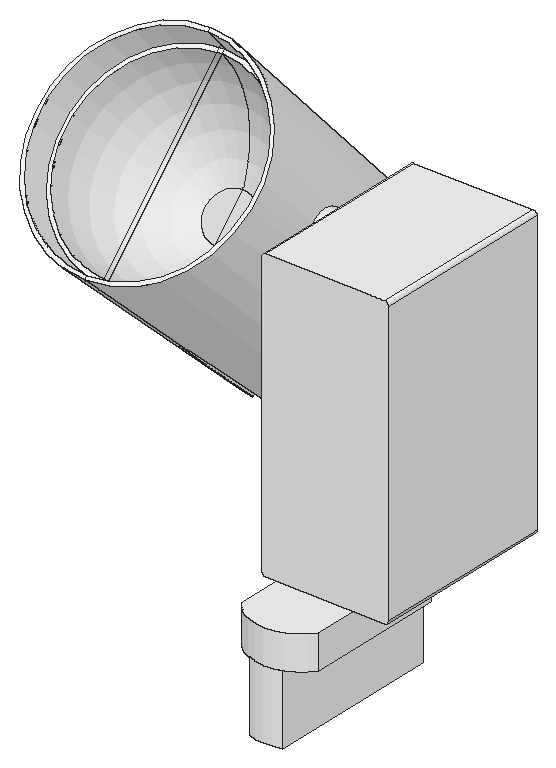
Revit family "0004862 Feilo Sylvania Lighting Fixture START TRACK SPOT S 24W 3K RA90 NB WHITE", category Lighting Fixtures, host Face, Revit 2017 (continued)
Definition of nested family "Start Track Spot Head"
  Types (96, lengths in mm): name | Wattage | built-in parameter 1150134 | Photometric Web File | Model | built-in parameter 1150105 | Lumens | built-in parameter 1150107 | built-in parameter 1150106 | HeadThickness_FEILO | HeadRibOffset_FEILO | HeadRibDepth_FEILO | HeadRibCutWidth_FEILO | HeadRibCutOffset_FEILO | HeadReflectorRadius_FEILO | HeadReflectorOffset_FEILO | HeadLEDRadius_FEILO | HeadHeight_FEILO | HeadDiffusorOffset_FEILO | HeadDiaOut_FEILO | HeadDiaIn_FEILO | HeadAxisFromTop_FEILO | Emit from Circle Diameter | built-in parameter 1150104 | Description | Apparent Load
    0004812 START TRACK SPOT S 14W 3K RA80 MB WHITE | 14 W | (empty or 0) | "0004812.ies" | "START TRACK SPOT S 14W 3K RA80 MB WHITE" | 120.32 (stored number, unit not read) | 1512 lm | 3000 (stored number, unit not read) | 1.2032 (stored number, unit not read) | 1.5 | 4.179 | 55.714 | 7.167 | 50.87 | 50.588 | 55.714 | 9.556 | 117 | 9.435 | 86 | 77.477 | 69.354 | 77.477 | 10.034 (stored number, unit not read) | "Integrated LED spotlight, Textured White - RAL9016, compact and minimalist design, ideal for retail applications, die-cast aluminium body, passive cooling heatsink. Beam angle: 36°, color temperature: 3000K , total system power: 14W, total fixture output: 1508 lm, LOR: 100%, colour rendering: Ra: 80 typical, LED Chromaticity: 3 step MacAdam ellipse, lifetime: >50000 hours at L70B50, energy class: A++, A+, A, IR/UV free light source without heat radiation, operating voltage: 220-240V / 50-60Hz, drive current: 350mA, electronic driver, non-dimmable, power factor: 0.92, electrical protection: Class II, Global Track 3 Phase adapter suitable for Global trac 3-circuit tracks, ingress protection rating: IP20, suitable for internal environment only, horizontal rotation: 355°, vertical tilt: 90°, dimensions: Ø86x140x200, weight: 0.940kg." | 14 VA
    0004811 START TRACK SPOT S 14W 3K RA80 NB WHITE | 14 W | (empty or 0) | "0004811.ies" | "START TRACK SPOT S 14W 3K RA80 NB WHITE" | 123.66 (stored number, unit not read) | 1554 lm | 3000 (stored number, unit not read) | 1.2366 (stored number, unit not read) | 1.5 | 4.179 | 55.714 | 7.167 | 50.87 | 50.588 | 55.714 | 9.556 | 117 | 9.435 | 86 | 77.477 | 69.354 | 77.477 | 10.312 (stored number, unit not read) | "Integrated LED spotlight, Textured White - RAL9016, compact and minimalist design, ideal for retail applications, die-cast aluminium body, passive cooling heatsink. Beam angle: 12°, color temperature: 3000K , total system power: 14W, total fixture output: 1551 lm, LOR: 100%, colour rendering: Ra: 80 typical, LED Chromaticity: 3 step MacAdam ellipse, lifetime: >50000 hours at L70B50, energy class: A++, A+, A, IR/UV free light source without heat radiation, operating voltage: 220-240V / 50-60Hz, drive current: 350mA, electronic driver, non-dimmable, power factor: 0.92, electrical protection: Class II, Global Track 3 Phase adapter suitable for Global trac 3-circuit tracks, ingress protection rating: IP20, suitable for internal environment only, horizontal rotation: 355°, vertical tilt: 90°, dimensions: Ø86x140x200, weight: 0.940kg." | 14 VA
  Reference planes
    plane 1 "Center (Front/Back)": y = 0
    plane 2: z = 0
    plane 3 "Center (Left/Right)": x = 0
    plane 4: x = 43
    plane 5: x = -43
    plane 6: x = -38.739
    plane 7: x = 38.739
    plane 8: z = 69.354
    plane 9: z = -47.646
    plane 10: x = -41.5
    plane 11: x = -37.239
    plane 12: z = -38.211
    plane 13: z = -35.211
    plane 14: z = 8.068
    plane 15: x = -9.556
    plane 16: x = -28.667
    plane 17: x = -19.111
    plane 18: x = -27.167
    plane 19: x = -17.611
    plane 20: x = -8.056
    plane 21: z = 13.64
    plane 22: x = -29.667
    plane 23: x = -26.167
    plane 24: x = -20.111
    plane 25: x = -16.611
    plane 26: x = -10.556
    plane 27: x = -7.056
    plane 28: x = -36.239
    plane 29: x = -40.5
    plane 30: z = 65.175
    plane 31: z = 60.997
    plane 32: z = 56.818
    plane 33: z = 18.484
    plane 34: y = -43
    plane 35: y = 43
    plane 36: y = 3.583
    plane 37: y = -3.583
    plane 38: y = -2.583
    plane 39: y = 2.583
    plane 40: y = 46
    plane 41: z = 13.5
    plane 42: z = -13.5
    plane 43: y = 39
    plane 44: x = 4.708
    plane 45: x = -2.458
    plane 46: x = -1.458
    plane 47: x = 1.458
  Forms (mm)
    Extrusion 1, solid
      sketch origin (4.2, 0, 0) x (1, 0, 0) y (0, 1, 0)
        loop
          line (-1219.2, 1219.2) -> (-1219.2, -1219.2) -> (1219.2, -1219.2) -> (1219.2, 1219.2) -> (-1219.2, 1219.2)
      from 0 to -68.017
    Revolve 2, solid, material <- "Material_1_FEILO", detail levels medium+fine
      sketch origin (0, 0, 0) x (1, 0, 0) y (0, 0, 1)
        loop
          line (-43, -47.646) -> (-41.5, -47.646) -> (-40.5, -35.211) -> (-38.739, -35.211)
          arc (-38.739, -35.211) -> (-30.16, -9.517) -> (-9.556, 8.068) r 50.588
          line (-9.556, 8.068) -> (0, 8.068) -> (0, 13.64) -> (-16.611, 13.64) -> (-17.611, 60.997) -> (-19.111, 60.997) -> (-20.111, 13.64) -> (-36.239, 13.64) -> (-37.239, 69.354) -> (-38.739, 69.354) -> (-43, -47.646)
        axis (0, 69.354) -> (0, -47.646)
      angle from 360 to 0
    Extrusion 3, void
      sketch origin (0, 0, 0) x (0, 1, 0) y (0, 0, 1)
        loop
          line (-3.583, 69.354) -> (-2.583, 18.484) -> (1.932, 18.484) -> (2.932, 69.354) -> (-3.583, 69.354)
      from 43 to -43
    Revolve 4, solid, material <- "Material_2_FEILO", detail levels medium+fine
      sketch origin (0, 0, 0) x (1, 0, 0) y (0, 0, 1)
        loop
          line (-41.5, -38.211) -> (0, -38.211) -> (0, -35.211) -> (-41.5, -35.211) -> (-41.5, -38.211)
        axis (0, -35.211) -> (0, -38.211)
      angle from 360 to 0
    Revolve 5, solid, material <- "Material_1_FEILO"
      sketch origin (0, 0, 0) x (0, 1, 0) y (0, 0, 1)
        loop
          line (46, 0) -> (39, 0) -> (39, -13.5) -> (46, -13.5) -> (46, 0)
        axis (39, 0) -> (46, 0)
      angle from 360 to 0
    Revolve 6, solid, material <- "Material_1_FEILO", detail levels medium+fine
      sketch origin (0, 0, 0) x (1, 0, 0) y (0, 0, 1)
        loop
          line (-29.667, 13.64) -> (-26.167, 13.64) -> (-27.167, 65.175) -> (-28.667, 65.175) -> (-29.667, 13.64)
        loop
          line (-10.556, 13.64) -> (-7.056, 13.64) -> (-7.833, 56.818) -> (-9.778, 56.818) -> (-10.556, 13.64)
        axis (0, 65.175) -> (0, 13.64)
      angle from 360 to 0
    Extrusion 7, void
      sketch origin (0, 0, 0) x (1, 0, 0) y (0, 0, 1)
        loop
          line (4.708, 69.354) -> (-2.458, 69.354) -> (-1.458, 13.64) -> (1.458, 13.64) -> (4.708, 69.354)
      from -43 to 43
    Revolve 8, solid, material <- "Material_1_FEILO", detail levels coarse
      sketch origin (0, 0, 0) x (1, 0, 0) y (0, 0, 1)
        loop
          line (0, 69.354) -> (-38.739, 69.354) -> (-43, -47.646) -> (-41.5, -47.646) -> (-40.731, -38.211) -> (0, -38.211) -> (0, 69.354)
        axis (0, 69.354) -> (0, -47.646)
      angle from 360 to 0
  Cuts and joins
    Extrusion 3 cuts Revolve 2
    Extrusion 7 cuts Revolve 6
  Dimensions and locks
    equal spacing: plane 7, plane 3 "Center (Left/Right)", plane 6
    equal spacing: plane 4, plane 3 "Center (Left/Right)", plane 5
    "HeadDiaOut_FEILO": plane 4 to plane 5
    "HeadDiaIn_FEILO": plane 7 to plane 6
    "HeadHeight_FEILO": plane 8 to plane 9
    "HeadThickness_FEILO": plane 10 to plane 5
    "HeadThickness_FEILO": plane 11 to plane 6
    "HeadDiffusorOffset_FEILO": plane 12 to plane 9
    "HeadDiffusorThickness_FEILO": plane 13 to plane 12
    "HeadReflectorOffset_FEILO": plane 14 to plane 9
    "HeadLEDRadius_FEILO": plane 3 "Center (Left/Right)" to plane 15
    "HeadLEDRadius_FEILO": plane 15 to plane 17
    "HeadLEDRadius_FEILO": plane 17 to plane 16
    "HeadThickness_FEILO": plane 18 to plane 16
    "HeadThickness_FEILO": plane 19 to plane 17
    "HeadThickness_FEILO": plane 20 to plane 15
    "HeadRibDepth_FEILO": plane 8 to plane 21
    "HeadDraft_FEILO": plane 16 to plane 22
    "HeadDraft_FEILO": plane 23 to plane 18
    "HeadDraft_FEILO": plane 17 to plane 24
    "HeadDraft_FEILO": plane 25 to plane 19
    "HeadDraft_FEILO": plane 15 to plane 26
    "HeadDraft_FEILO": plane 27 to plane 20
    "HeadDraft_FEILO": plane 29 to plane 10
    "HeadDraft_FEILO": plane 28 to plane 11
    "HeadRibOffset_FEILO": plane 8 to plane 30
    "HeadRibOffset_FEILO": plane 30 to plane 31
    "HeadRibOffset_FEILO": plane 31 to plane 32
    "HeadAxisFromTop_FEILO": plane 8 to plane 2
    "HeadRibCutOffset_FEILO": plane 8 to plane 33
    equal spacing: plane 34, plane 1 "Center (Front/Back)", plane 35
    "HeadDiaOut_FEILO": plane 34 to plane 35
    equal spacing: plane 38, plane 1 "Center (Front/Back)", plane 39
    equal spacing: plane 37, plane 1 "Center (Front/Back)", plane 36
    "HeadRibCutWidth_FEILO": plane 37 to plane 36
    "HeadDraft_FEILO": plane 37 to plane 38
    locked: plane 35 to plane 40 at 3
    equal spacing: plane 41, plane 2, plane 42
    locked: plane 42 to plane 41 at 27
    locked: plane 43 to plane 35 at 4
    equal spacing: plane 45, imposter light, plane 44
    "HeadDraft_FEILO": plane 46 to plane 45
    "HeadRibCutWidth_FEILO": plane 44 to plane 45
    equal spacing: plane 47, plane 3 "Center (Left/Right)", plane 46
    "HeadReflectorRadius_FEILO": radius of Revolve 2 sketch curve
    aligned and locked: plane 2 to Extrusion 1
    aligned and locked: level to Extrusion 1
    aligned and locked: Revolve 2 sketch curve to plane 3 "Center (Left/Right)"  (x2)
    aligned and locked: plane 9 to Revolve 2 sketch curve  (x2)
    aligned and locked: plane 5 to Revolve 2 sketch curve
    aligned and locked: plane 10 to Revolve 2 sketch curve
    aligned and locked: plane 14 to Revolve 2 sketch curve
    aligned and locked: plane 8 to Revolve 2 sketch curve
    aligned and locked: Revolve 2 sketch curve to plane 13
    aligned and locked: plane 12 to Revolve 4 sketch curve
    aligned and locked: plane 3 "Center (Left/Right)" to Revolve 4 sketch curve
    aligned and locked: Revolve 4 sketch curve to plane 10
    aligned and locked: Revolve 4 sketch curve to plane 3 "Center (Left/Right)"
    aligned and locked: plane 12 to imposter light
    aligned and locked: imposter light to plane 1 "Center (Front/Back)"
    aligned and locked: Revolve 5 sketch curve to plane 2
    aligned and locked: plane 43 to Revolve 5 sketch curve
    aligned and locked: plane 42 to Revolve 5 sketch curve
    aligned and locked: Revolve 6 sketch curve to plane 3 "Center (Left/Right)"
    aligned and locked: plane 22 to Revolve 6 sketch curve
    aligned and locked: plane 30 to Revolve 6 sketch curve
    aligned and locked: plane 23 to Revolve 6 sketch curve
    aligned and locked: Revolve 6 sketch curve to plane 21  (x2)
    aligned and locked: plane 21 to Revolve 6 sketch curve
    aligned and locked: plane 17 to Revolve 2 sketch curve
    aligned and locked: plane 19 to Revolve 2 sketch curve
    aligned and locked: plane 31 to Revolve 2 sketch curve
    aligned and locked: plane 21 to Revolve 2 sketch curve
    aligned and locked: Extrusion 3 to plane 8
    aligned and locked: plane 33 to Extrusion 3
    aligned and locked: plane 8 to Extrusion 3 sketch curve
    aligned and locked: Extrusion 3 sketch curve to plane 33
    aligned and locked: Extrusion 3 to plane 5
    aligned and locked: plane 4 to Extrusion 3
    aligned and locked: plane 32 to Revolve 6 sketch curve
    aligned and locked: plane 44 to Extrusion 7 sketch curve
    aligned and locked: Extrusion 7 sketch curve to plane 8
    aligned and locked: plane 46 to Extrusion 7 sketch curve
    aligned and locked: plane 21 to Extrusion 7 sketch curve
    aligned and locked: plane 34 to Extrusion 7
    aligned and locked: Extrusion 7 to plane 35
    aligned and locked: Revolve 4 sketch curve to plane 13
    aligned and locked: Revolve 5 sketch curve to plane 40
    aligned and locked: Revolve 8 sketch curve to plane 3 "Center (Left/Right)"
    aligned and locked: Revolve 8 sketch curve to cut or joined group of Revolve 2, Extrusion 3  (x3)
    aligned and locked: plane 5 to Revolve 8 sketch curve
    aligned and locked: plane 3 "Center (Left/Right)" to Revolve 8 sketch curve
    aligned and locked: plane 12 to Revolve 8 sketch curve
  Automatic sketch dimensions
    Extrusion 1 sketch curve to Extrusion 1 sketch curve = 2438.4 mm  (x2)
    Extrusion 3 sketch curve to plane 37 = 0 mm
    Extrusion 3 sketch curve to plane 38 = 0 mm
    plane 39 to Extrusion 3 sketch curve = 0.651 mm
    Extrusion 3 sketch curve to plane 39 = 0.349 mm
    Revolve 6 sketch curve to plane 16 = 0 mm
    Revolve 6 sketch curve to plane 18 = 0 mm
    Revolve 6 sketch curve to plane 26 = 0 mm
    Revolve 6 sketch curve to plane 27 = 0 mm
    Revolve 6 sketch curve to plane 15 = 0.222 mm
    plane 9 to Revolve 6 sketch curve = 559.103 mm
    Revolve 6 sketch curve to plane 8 = 2535.555 mm
    plane 20 to Revolve 6 sketch curve = 0.222 mm
    Revolve 2 sketch curve to plane 29 = 0 mm
    Revolve 2 sketch curve to plane 6 = 0 mm  (x2)
    Revolve 2 sketch curve to plane 11 = 0 mm
    Revolve 2 sketch curve to plane 21 = 0 mm
    Revolve 2 sketch curve to plane 28 = 0 mm
    Revolve 2 sketch curve to plane 24 = 0 mm
    Revolve 2 sketch curve to plane 25 = 0 mm
    Revolve 2 sketch curve to plane 15 = 0 mm
    Revolve 2 sketch curve to Revolve 2 sketch curve = 557.155 mm
    Revolve 2 sketch curve to plane 8 = 2535.558 mm
    Extrusion 7 sketch curve to plane 45 = 0 mm
    Extrusion 7 sketch curve to plane 47 = 0 mm
    plane 9 to Revolve 4 sketch curve = 559.103 mm
    Revolve 4 sketch curve to plane 8 = 2535.555 mm
    Revolve 5 sketch curve to level = 0 mm
    plane 34 to Revolve 5 sketch curve = 1968.092 mm
    Revolve 5 sketch curve to plane 40 = 1405.763 mm
    Revolve 8 sketch curve to plane 6 = 0 mm
    Revolve 8 sketch curve to plane 29 = 0.231 mm
    plane 9 to Revolve 8 sketch curve = 559.103 mm
    Revolve 8 sketch curve to Revolve 8 sketch curve = 2535.555 mm
Definition of nested family "Start Track Spot Box"
  Parameters (values of type "Type Large White")
    URL = "http://www.feilosylvania.com"
    Type Image = (empty or 0)
    Type Comments = "n/a"
    Small_FEILO = no
    Material_3_FEILO = none
    Model = ""
    Manufacturer = "Feilo Sylvania"
    Keynote = ""
    Material_2_FEILO = none
    Description = ""
    Default Elevation = 1219.2 mm
    Cost = 0
    Material_1_FEILO = none
    BoxWidth_FEILO = 49 mm
    BoxStartAngle_FEILO [instance] = 0.00°
    BoxRadius_FEILO = 1.5 mm
    BoxHeight_FEILO = if(Small_FEILO, 112 mm, 136 mm)  # 136 mm
    BoxEndAngle_FEILO [instance] = BoxStartAngle_FEILO - 180.00°  # -180.00°
    BoxDepth_FEILO = if(Small_FEILO, 71.5 mm, 79 mm)  # 79 mm
    BoxAxisVerticalOffset_FEILO = 16 mm
    BoxAxisOffset_FEILO = BoxHeight_FEILO / 6.8  # 20 mm
    Assembly Code = ""
    Material_4_FEILO = none
  Types (4, lengths in mm): name | Small_FEILO | BoxHeight_FEILO | BoxDepth_FEILO | BoxAxisOffset_FEILO
    Type Large White | no | 136 | 79 | 20
    Type Small White | yes | 112 | 71.5 | 16.471
    Type Small Black | yes | 112 | 71.5 | 16.471
    Type Large Black | no | 136 | 79 | 20
  Reference planes
    plane 1 "Center (Front/Back)": y = 0
    plane 2: z = 0
    plane 3 "Center (Left/Right)": x = 0
    plane 4: x = 24.5
    plane 5: x = -24.5
    plane 6: y = 68
    plane 7: y = -68
    plane 8: z = 39.5
    plane 9: z = -39.5
    plane 10: y = -48
    plane 11: x = 30.5
    plane 12: x = 8.5
    plane 13: x = 21.5
    plane 14: y = 70
    plane 15: y = 72
    plane 16: x = 19.5
  Forms (mm)
    Extrusion 1, solid
      sketch origin (4.2, 0, 0) x (1, 0, 0) y (0, 1, 0)
        loop
          line (-1219.2, 1219.2) -> (-1219.2, -1219.2) -> (1219.2, -1219.2) -> (1219.2, 1219.2) -> (-1219.2, 1219.2)
      from 0 to -68.017
    Extrusion 2, solid, material <- "Material_1_FEILO"
      sketch origin (0, 0, 0) x (1, 0, 0) y (0, 1, 0)
        loop
          arc (-23, 68) -> (-24.061, 67.561) -> (-24.5, 66.5) r 1.5
          line (-24.5, 66.5) -> (-24.5, -66.5)
          arc (-24.5, -66.5) -> (-24.061, -67.561) -> (-23, -68) r 1.5
          line (-23, -68) -> (23, -68)
          arc (23, -68) -> (24.061, -67.561) -> (24.5, -66.5) r 1.5
          line (24.5, -66.5) -> (24.5, 66.5)
          arc (24.5, 66.5) -> (24.061, 67.561) -> (23, 68) r 1.5
          line (23, 68) -> (-23, 68)
      from -39.5 to 39.5
    Revolve 3, solid, not visible
      sketch origin (0, 0, 0) x (1, 0, 0) y (0, 1, 0)
        loop
          line (30.5, -48) -> (24.5, -48) -> (24.5, -68) -> (30.5, -68) -> (30.5, -48)
        axis (30.5, -48) -> (24.5, -48)
      angle from 0 <- "BoxStartAngle_FEILO" to -180 <- "BoxEndAngle_FEILO"
    Revolve 4, solid, material <- "Material_2_FEILO"
      sketch origin (0, 0, 0) x (1, 0, 0) y (0, 1, 0)
        loop
          line (8.5, 68) -> (19.5, 68) -> (19.5, 70) -> (21.5, 70) -> (21.5, 72) -> (8.5, 72) -> (8.5, 68)
        axis (8.5, 72) -> (8.5, 68)
      angle from 360 to 0
  Dimensions and locks
    equal spacing: plane 5, plane 3 "Center (Left/Right)", plane 4
    "BoxWidth_FEILO": plane 5 to plane 4
    equal spacing: plane 7, plane 1 "Center (Front/Back)", plane 6
    "BoxHeight_FEILO": plane 7 to plane 6
    equal spacing: plane 8, plane 2, plane 9
    "BoxDepth_FEILO": plane 8 to plane 9
    "BoxAxisOffset_FEILO": plane 7 to plane 10
    locked: plane 4 to plane 11 at 6
    "BoxAxisVerticalOffset_FEILO": plane 12 to plane 4
    locked: plane 12 to plane 13 at 13
    plane 6 to plane 14 to plane 15 = 2 mm locked, 2 mm locked
    locked: plane 12 to plane 16 at 11
    "BoxRadius_FEILO": radius of Extrusion 2 sketch curve  (x4)
    aligned and locked: plane 2 to Extrusion 1
    aligned and locked: level to Extrusion 1
    aligned and locked: plane 6 to Extrusion 2 sketch curve
    aligned and locked: plane 5 to Extrusion 2 sketch curve
    aligned and locked: Extrusion 2 sketch curve to plane 7
    aligned and locked: Extrusion 2 sketch curve to plane 4
    aligned and locked: Extrusion 2 to plane 8
    aligned and locked: plane 9 to Extrusion 2
    aligned and locked: Revolve 3 sketch curve to plane 10  (x2)
    aligned and locked: plane 11 to Revolve 3 sketch curve
    aligned and locked: Revolve 3 sketch curve to plane 4
    aligned and locked: plane 7 to Revolve 3 sketch curve
    aligned and locked: Revolve 4 sketch curve to plane 12
    aligned and locked: plane 6 to Revolve 4 sketch curve
    aligned and locked: plane 12 to Revolve 4 sketch curve
    aligned and locked: plane 15 to Revolve 4 sketch curve
    aligned and locked: Revolve 4 sketch curve to plane 13
    aligned and locked: Revolve 4 sketch curve to plane 14
    aligned and locked: Revolve 4 sketch curve to plane 16
    aligned and locked: Revolve 4 sketch curve to plane 6
  Automatic sketch dimensions
    Extrusion 1 sketch curve to Extrusion 1 sketch curve = 2438.4 mm  (x2)
    Revolve 3 sketch curve to plane 5 = 1499.5 mm
    plane 11 to Revolve 3 sketch curve = 1493.5 mm
    plane 15 to Revolve 4 sketch curve = 0 mm
    plane 7 to Revolve 4 sketch curve = 1456 mm
    Revolve 4 sketch curve to plane 15 = 1452 mm
